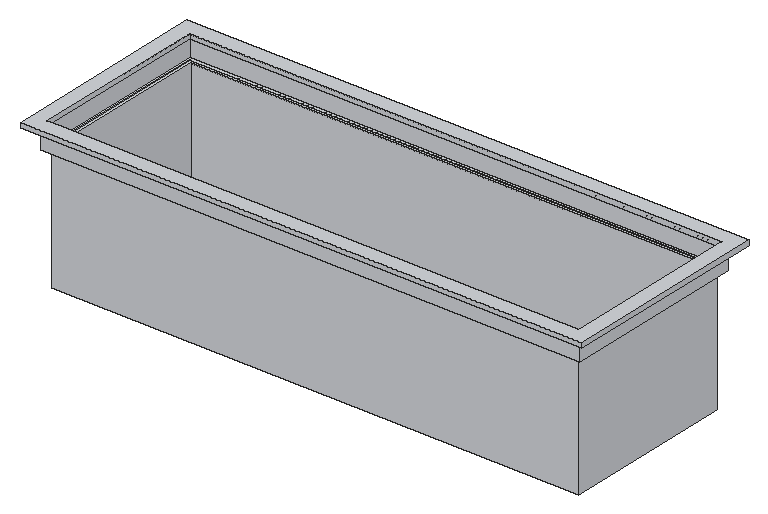
Revit family "Gira_289800", category Electrical Fixtures, host Face, Revit 2017
Family settings
  Host = Face
  Maintain Annotation Orientation = No
  Round Connector Dimension = Use Diameter
  Part Type = Normal
  Cut with Voids When Loaded = No
  Shared = No
  Room Calculation Point = No
Parameters (values of type "Gerätedose 3f flach Gira E22")
  Werkstoff = "Kunststoff"
  URL = "http://katalog.gira.de/de_DE/datenblatt.html?artikelnr=289800"
  Schutzart (IP) = "IP20"
  Region = "DE"
  Name = "Gerätedose 3f flach Gira E22"
  Montageart = "Hohlwand"
  Manufacturer URL = "https://www.gira.de/"
  Keynote = "E22flach_Gerätedose_3fach"
  HeinzeBIM = "https://bimportal.heinze.de/bim/geraetedose-3f-flach-gira-e22/7ba9df4ed6b5b9c265ae25da36fcfaeac6fbd20a"
  Halogenfrei = "No"
  HAN = "289800"
  GTIN = "4010337066538"
  Form = "quadratisch"
  Default Elevation = 1219.2 mm
  Data sheet (1) = "https://katalog.gira.de/de_DE/download.html?artikelnr=289800"
  Category = "Dose, Gehäuse für Montage in der Wand/Decke"
  Bestückung = "ohne"
  Befestigung der Geräte = "schrauben"
  Bauform = "Gerätedose"
  Available = "Yes"
  Ausführung = "sonstige"
Reference planes
  plane 1 "Center (Front/Back)": y = 0
  plane 2: z = 0
  plane 3 "Center (Left/Right)": x = 0
Forms (mm)
  Extrusion 1, solid, detail levels fine
    sketch origin (0, 0, 0) x (1, 0, 0) y (0, 1, 0)
      loop
        line (-113.05, -42) -> (113.05, -42) -> (113.05, 42) -> (-113.05, 42) -> (-113.05, -42)
      loop
        line (-107.207, 35.857) -> (-107.207, -35.957) -> (107.207, -35.957) -> (107.207, 35.857) -> (-107.207, 35.857)
    from -1 to 1
  Extrusion 2, solid, detail levels fine
    sketch origin (0, 0, 0) x (1, 0, 0) y (0, 1, 0)
      loop
        line (-108.55, 37.2) -> (-108.55, -37.2) -> (108.55, -37.2) -> (108.55, 37.2) -> (-108.55, 37.2)
      loop
        line (-107.207, 35.957) -> (-107.207, -35.957) -> (107.207, -35.957) -> (107.207, 35.957) -> (-107.207, 35.957)
    from -9.5 to 0
  Extrusion 3, solid, detail levels fine
    sketch origin (0, 0, 0) x (1, 0, 0) y (0, 1, 0)
      loop
        line (106, 34.75) -> (-106, 34.75) -> (-106, -34.75) -> (106, -34.75) -> (106, 34.75)
      loop
        line (-104.551, 33.301) -> (-104.551, -33.301) -> (104.551, -33.301) -> (104.551, 33.301) -> (-104.551, 33.301)
    from -59.5 to -7.5
  Extrusion 4, solid, detail levels fine
    sketch origin (0, 0, 0) x (1, 0, 0) y (0, 1, 0)
      loop
        line (-104.551, 33.301) -> (-104.551, -33.301) -> (104.551, -33.301) -> (104.551, 33.301) -> (-104.551, 33.301)
    from -59.5 to -57.5
  Extrusion 5, solid, detail levels fine
    sketch origin (0, 0, 0) x (1, 0, 0) y (0, 1, 0)
      loop
        line (-106, -34.75) -> (106, -34.75) -> (106, 34.75) -> (-106, 34.75) -> (-106, -34.75)
      loop
        line (-107.207, -35.957) -> (107.207, -35.957) -> (107.207, 35.957) -> (-107.207, 35.957) -> (-107.207, -35.957)
    from -9.5 to -7.5
  Extrusion 6, solid, detail levels coarse
    sketch origin (0, 0, 0) x (1, 0, 0) y (0, 1, 0)
      loop
        line (-113.05, -42) -> (113.05, -42) -> (113.05, 42) -> (-113.05, 42) -> (-113.05, -42)
    from -59.5 to 1
  Extrusion 7, solid, detail levels medium
    sketch origin (4.676, 0, 0) x (1, 0, 0) y (0, 1, 0)
      loop
        line (-117.726, -42) -> (108.374, -42) -> (108.374, 42) -> (-117.726, 42) -> (-117.726, -42)
    from -1 to 1
  Extrusion 8, solid, detail levels medium
    sketch origin (0, 0, 0) x (1, 0, 0) y (0, 1, 0)
      loop
        line (106, 34.75) -> (-106, 34.75) -> (-106, -34.75) -> (106, -34.75) -> (106, 34.75)
    from -59.5 to -9.5
  Extrusion 9, solid, detail levels medium
    sketch origin (0, 0, 0) x (1, 0, 0) y (0, 1, 0)
      loop
        line (-108.55, 37.2) -> (-108.55, -37.2) -> (108.55, -37.2) -> (108.55, 37.2) -> (-108.55, 37.2)
    from -9.5 to 0
Dimensions and locks
  aligned and locked: plane 2 to host face
  aligned and locked: level to host face
